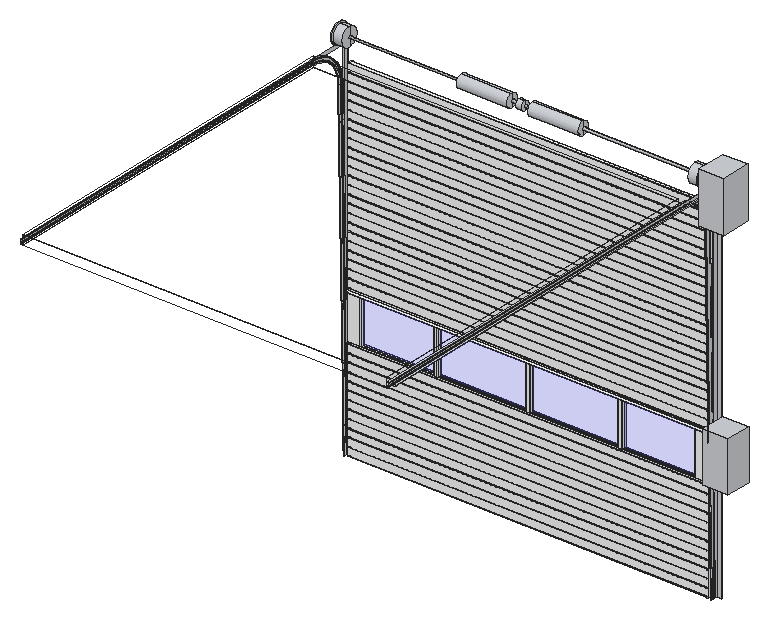
Revit family "EX3720 Complete Door - DraftA", category Doors, host Wall, Revit 2022 (continued)
Definition of nested family "Full Vision Section"
  Dimensions and locks (in)
    "Half Rail Width": plane 2 "Center (Left/Right)" to plane 8
    "Half Rail Width": plane 7 to plane 2 "Center (Left/Right)"
    locked: Extrusion 3 sketch curve to Extrusion 3 sketch curve at 0.25
    radius of Extrusion 2 sketch curve = 0' - 0.12427"
    radius of Extrusion 2 sketch curve = 0' - 0.12444"
    radius of Extrusion 1 sketch curve = 0' - 0.12517"
    radius of Extrusion 1 sketch curve = 0' - 0.12664"
    aligned and locked: Extrusion 1 sketch curve to Extrusion 1 sketch curve  (x3)
    aligned and locked: Extrusion 2 sketch curve to Extrusion 1  (x3)
    aligned and locked: Extrusion 1 to Extrusion 2 sketch curve  (x3)
    aligned and locked: Extrusion 2 sketch curve to Extrusion 2 sketch curve  (x3)
    aligned: Extrusion 3 sketch curve to Extrusion 2
    aligned: Extrusion 3 sketch curve to Extrusion 1
    aligned and locked: Extrusion 3 sketch curve to Extrusion 1
    aligned and locked: Extrusion 4 sketch curve to Extrusion 4 sketch curve  (x3)
    aligned and locked: Extrusion 4 sketch curve to Extrusion 2
    aligned and locked: Extrusion 5 sketch curve to Extrusion 5 sketch curve  (x3)
    aligned and locked: Extrusion 5 sketch curve to Extrusion 2
    aligned and locked: nested 1 to Extrusion 2  (x2)
    aligned and locked: Extrusion 4 to Extrusion 3
    aligned and locked: Extrusion 1 to Extrusion 4
    aligned and locked: Extrusion 6 sketch curve to Extrusion 4
    aligned and locked: Extrusion 6 sketch curve to Extrusion 2
    aligned and locked: plane 2 "Center (Left/Right)" to nested 1
    aligned and locked: nested 1 to plane 5
    aligned and locked: Extrusion 5 sketch curve to plane 6
    aligned and locked: Extrusion 4 sketch curve to plane 9
    aligned and locked: plane 11 to nested 2
    aligned and locked: Extrusion 4 to nested 2
    aligned and locked: nested 2 to Extrusion 1
    aligned and locked: Extrusion 3 sketch curve to Extrusion 4  (x2)
  Automatic sketch dimensions
    Extrusion 1 sketch curve to level = 0' - 0"
    Extrusion 1 sketch curve to plane 5 = 0' - 0"
    Extrusion 1 sketch curve to Extrusion 1 sketch curve = 0' - 0 3/16"
    Extrusion 2 sketch curve to plane 5 = 0' - 0.50146"
    level to Extrusion 2 sketch curve = 1' - 10 21/32"
    Extrusion 2 sketch curve to Extrusion 2 sketch curve = 0' - 0 1/2"
  Nested families (in)
    nested 1: "Int Stile for Single" at (0, -3.5, 0.84375), visible <- "SingleStileVis", type "Single"
      with Stile Height 1' - 10 5/16"
    nested 2: "902 Int Stile Array" at (0, -3.5, 0.84375), visible <- "ArrayStileVis", type "Array"
      with NumIntStiles 2
  Definition of nested family "Int Stile for Single"
    Parameters
      Stile Height = 1' - 8 5/32"
      Frame Material = none
      Default Elevation = 0' - 0"
      Assembly Code = ""
    Reference planes (in)
      plane 1 "Center (Front/Back)": y = 0
      plane 2: z = 0
      plane 3 "Center (Left/Right)": x = 0
      plane 4: z = 20.15625
    Forms (in)
      Extrusion 1, solid, material <- "Frame Material"
        sketch origin (0, 0, 0) x (1, 0, 0) y (0, 1, 0)
          loop
            line (-0.65625, 0) -> (-0.65625, -0.125) -> (-0.78125, -0.125) -> (-1.15625, -0.5) -> (-1.15625, -0.63751) -> (-0.65625, -0.63751) -> (-0.65625, -0.88751) -> (-1.15625, -0.88751) -> (-1.15625, -1.88751) -> (-0.65625, -1.88751) -> (-0.65625, -2.125) -> (0.65625, -2.125) -> (0.65625, -1.88751) -> (1.15625, -1.88751) -> (1.15625, -0.88751) -> (0.65625, -0.88751) -> (0.65625, -0.63751) -> (1.15625, -0.63751) -> (1.15625, -0.5) -> (0.78125, -0.125) -> (0.65625, -0.125) -> (0.65625, 0) -> (-0.65625, 0)
        from 0 to 20.15625 <- "Stile Height"
    Dimensions and locks (in)
      "Stile Height": level to plane 4
      locked: Extrusion 1 sketch curve to Extrusion 1 sketch curve at 1.3125
      locked: Extrusion 1 sketch curve to Extrusion 1 sketch curve at 0.5  (x2)
      locked: Extrusion 1 sketch curve to plane 3 "Center (Left/Right)" at 1.15625
      locked: Extrusion 1 sketch curve to Extrusion 1 sketch curve at 2.125
      locked: Extrusion 1 sketch curve to Extrusion 1 sketch curve at 0.25
      locked: Extrusion 1 sketch curve to Extrusion 1 sketch curve at 1
      locked: Extrusion 1 sketch curve to Extrusion 1 sketch curve at 0.375  (x4)
      locked: Extrusion 1 sketch curve to Extrusion 1 sketch curve at 0.125  (x3)
      aligned and locked: plane 2 to level
      aligned and locked: Extrusion 1 sketch curve to Extrusion 1 sketch curve  (x8)
    Automatic sketch dimensions
      plane 1 "Center (Front/Back)" to Extrusion 1 sketch curve = 0' - 0"
      Extrusion 1 sketch curve to Extrusion 1 sketch curve = 0' - 0.23749"
  Definition of nested family "902 Int Stile Array"
    Parameters
      Stile Height = 1' - 10 5/16"
      NumIntStiles = 4
      IntStileCtrCtr = 3' - 8"
      Frame Material = none
      Default Elevation = 0' - 0"
      Assembly Code = ""
    Reference planes (in)
      plane 1 "Center (Front/Back)": y = 0
      plane 2: z = 0
      plane 3 "Center (Left/Right)": x = 0
      plane 4: z = 22.3125
      plane 5: x = 1.15625
      plane 6: x = -42.84375
    Forms (in)
      Extrusion 1, solid, material <- "Frame Material"
        sketch origin (0, 0, 0) x (1, 0, 0) y (0, 1, 0)
          loop
            line (-0.65625, 0) -> (-0.65625, -0.125) -> (-0.78125, -0.125) -> (-1.15625, -0.5) -> (-1.15625, -0.63751) -> (-0.65625, -0.63751) -> (-0.65625, -0.88751) -> (-1.15625, -0.88751) -> (-1.15625, -1.88751) -> (-0.65625, -1.88751) -> (-0.65625, -2.125) -> (0.65625, -2.125) -> (0.65625, -1.88751) -> (1.15625, -1.88751) -> (1.15625, -0.88751) -> (0.65625, -0.88751) -> (0.65625, -0.63751) -> (1.15625, -0.63751) -> (1.15625, -0.5) -> (0.78125, -0.125) -> (0.65625, -0.125) -> (0.65625, 0) -> (-0.65625, 0)
        from 0 to 22.3125 <- "Stile Height"
      Extrusion 2, solid, material <- "Frame Material"
        sketch origin (-44, 0, 0) x (1, 0, 0) y (0, 1, 0)
          loop
            line (-0.65625, 0) -> (-0.65625, -0.125) -> (-0.78125, -0.125) -> (-1.15625, -0.5) -> (-1.15625, -0.63751) -> (-0.65625, -0.63751) -> (-0.65625, -0.88751) -> (-1.15625, -0.88751) -> (-1.15625, -1.88751) -> (-0.65625, -1.88751) -> (-0.65625, -2.125) -> (0.65625, -2.125) -> (0.65625, -1.88751) -> (1.15625, -1.88751) -> (1.15625, -0.88751) -> (0.65625, -0.88751) -> (0.65625, -0.63751) -> (1.15625, -0.63751) -> (1.15625, -0.5) -> (0.78125, -0.125) -> (0.65625, -0.125) -> (0.65625, 0) -> (-0.65625, 0)
        from 0 to 22.3125 <- "Stile Height"
      Extrusion 3, solid, material <- "Frame Material"
        sketch origin (-88, 0, 0) x (1, 0, 0) y (0, 1, 0)
          loop
            line (-0.65625, 0) -> (-0.65625, -0.125) -> (-0.78125, -0.125) -> (-1.15625, -0.5) -> (-1.15625, -0.63751) -> (-0.65625, -0.63751) -> (-0.65625, -0.88751) -> (-1.15625, -0.88751) -> (-1.15625, -1.88751) -> (-0.65625, -1.88751) -> (-0.65625, -2.125) -> (0.65625, -2.125) -> (0.65625, -1.88751) -> (1.15625, -1.88751) -> (1.15625, -0.88751) -> (0.65625, -0.88751) -> (0.65625, -0.63751) -> (1.15625, -0.63751) -> (1.15625, -0.5) -> (0.78125, -0.125) -> (0.65625, -0.125) -> (0.65625, 0) -> (-0.65625, 0)
        from 0 to 22.3125 <- "Stile Height"
      Extrusion 4, solid, material <- "Frame Material"
        sketch origin (-132, 0, 0) x (1, 0, 0) y (0, 1, 0)
          loop
            line (-0.65625, 0) -> (-0.65625, -0.125) -> (-0.78125, -0.125) -> (-1.15625, -0.5) -> (-1.15625, -0.63751) -> (-0.65625, -0.63751) -> (-0.65625, -0.88751) -> (-1.15625, -0.88751) -> (-1.15625, -1.88751) -> (-0.65625, -1.88751) -> (-0.65625, -2.125) -> (0.65625, -2.125) -> (0.65625, -1.88751) -> (1.15625, -1.88751) -> (1.15625, -0.88751) -> (0.65625, -0.88751) -> (0.65625, -0.63751) -> (1.15625, -0.63751) -> (1.15625, -0.5) -> (0.78125, -0.125) -> (0.65625, -0.125) -> (0.65625, 0) -> (-0.65625, 0)
        from 0 to 22.3125 <- "Stile Height"
    Dimensions and locks (in)
      "Stile Height": level to plane 4
      locked: Extrusion 1 sketch curve to Extrusion 1 sketch curve at 1.3125
      locked: Extrusion 1 sketch curve to Extrusion 1 sketch curve at 0.5  (x2)
      locked: Extrusion 1 sketch curve to Extrusion 1 sketch curve at 2.125
      locked: Extrusion 1 sketch curve to Extrusion 1 sketch curve at 0.25
      locked: Extrusion 1 sketch curve to Extrusion 1 sketch curve at 1
      locked: Extrusion 1 sketch curve to Extrusion 1 sketch curve at 0.375  (x4)
      locked: Extrusion 1 sketch curve to Extrusion 1 sketch curve at 0.125  (x3)
      locked: Extrusion 2 sketch curve to Extrusion 2 sketch curve at 1.3125
      locked: Extrusion 2 sketch curve to Extrusion 2 sketch curve at 0.5  (x2)
      locked: Extrusion 2 sketch curve to Extrusion 2 sketch curve at 2.125
      locked: Extrusion 2 sketch curve to Extrusion 2 sketch curve at 0.25
      locked: Extrusion 2 sketch curve to Extrusion 2 sketch curve at 1
      locked: Extrusion 2 sketch curve to Extrusion 2 sketch curve at 0.375  (x4)
      locked: Extrusion 2 sketch curve to Extrusion 2 sketch curve at 0.125  (x3)
      equal spacing: group 4, group 3, group 2, group 1
      equal spacing: group 1, group 2, group 3, group 4  (x2)
      "IntStileCtrCtr": plane 5 to plane 6
      locked: Extrusion 3 sketch curve to Extrusion 3 sketch curve at 1.3125
      locked: Extrusion 3 sketch curve to Extrusion 3 sketch curve at 0.5  (x2)
      locked: Extrusion 3 sketch curve to Extrusion 3 sketch curve at 2.125
      locked: Extrusion 3 sketch curve to Extrusion 3 sketch curve at 0.25
      locked: Extrusion 3 sketch curve to Extrusion 3 sketch curve at 1
      locked: Extrusion 3 sketch curve to Extrusion 3 sketch curve at 0.375  (x4)
      locked: Extrusion 3 sketch curve to Extrusion 3 sketch curve at 0.125  (x3)
      locked: Extrusion 4 sketch curve to Extrusion 4 sketch curve at 1.3125
      locked: Extrusion 4 sketch curve to Extrusion 4 sketch curve at 0.5  (x2)
      locked: Extrusion 4 sketch curve to Extrusion 4 sketch curve at 2.125
      locked: Extrusion 4 sketch curve to Extrusion 4 sketch curve at 0.25
      locked: Extrusion 4 sketch curve to Extrusion 4 sketch curve at 1
      locked: Extrusion 4 sketch curve to Extrusion 4 sketch curve at 0.375  (x4)
      locked: Extrusion 4 sketch curve to Extrusion 4 sketch curve at 0.125  (x3)
      aligned and locked: plane 2 to level
      aligned and locked: Extrusion 1 sketch curve to Extrusion 1 sketch curve  (x8)
      aligned and locked: Extrusion 2 sketch curve to Extrusion 2 sketch curve  (x8)
      aligned and locked: plane 5 to Extrusion 1
      aligned and locked: plane 6 to Extrusion 2
      aligned and locked: Extrusion 3 sketch curve to Extrusion 3 sketch curve  (x8)
      aligned and locked: Extrusion 4 sketch curve to Extrusion 4 sketch curve  (x8)
    Automatic sketch dimensions
      Extrusion 1 sketch curve to Extrusion 1 sketch curve = 0' - 0.23749"
      Extrusion 2 sketch curve to Extrusion 2 sketch curve = 0' - 0.23749"
      Extrusion 3 sketch curve to Extrusion 3 sketch curve = 0' - 0.23749"
      Extrusion 4 sketch curve to Extrusion 4 sketch curve = 0' - 0.23749"
Definition of nested family "Track - Standard Lift"
  Parameters (values of type "15" Radius")
    WallToRadiusCenter = Door Thickness + 0' 1" + Vertical Track Length * 0' 0 1/4" / 1' 0" + Track Radius  # 1' - 9.33333"
    VerticalAngleLength = Door Height + 0' 10"  # 14' - 10"
    Vertical Track Length = Door Height - 0' 8"  # 13' - 4"
    TrackToTrack = CenterToLHTrack * 2  # 14' - 0"
    Roof Pitch = 0
    Operator - Trolley = no
    Operator - Jack Shaft Right = yes
    Operator - Jack Shaft Left = no
    HorizontalAngleLength = -(Horizontal Track Length + Track Radius + Vertical Track Length * 0.25 / 12 + 0' 2" - 0' 1" * Roof Pitch)  # -16' - 2.33333"
    Horizontal Track Length = Door Height + 1' 9" - Track Radius  # 14' - 6"
    FloorToTrolleyRail = FloorToShaftCL + 0' 6" - 0' 0 77/256" * Roof Pitch  # 15' - 8"
    FloorToShaftCL = Door Height + Track Radius - 0' 1"  # 15' - 2"
    FloorToJackShaft = Door Height + 1' 10"  # 15' - 10"
    Double Torsion Shaft = no
    Door Width = 13' - 10"
    Door Thickness = 0' - 2"
    Door Height = 14' - 0"
    Default Elevation = 0' - 0"
    Control Box Right = yes
    Control Box Left = no
    CenterToLHTrack = Door Width / 2 + 0' 1" + Roof Pitch * 0' 0"  # 7' - 0"
    Track Radius = if([12" Radius Track], 1' 0", 1' 3")  # 1' - 3"
    HorizontalTrackAngle = 90.00°
    CenterToRHTrack = -CenterToLHTrack  # -7' - 0"
    CenterToJackShaft = Door Width / 2 + 0' 5"  # 7' - 4"
    15" Radius Track = yes
    12" Radius Track = not([15" Radius Track])  # no
  Types (2): name | WallToRadiusCenter | TrackToTrack | Horizontal Track Length | FloorToTrolleyRail | FloorToShaftCL | Door Width | Control Box Left | CenterToLHTrack | Track Radius | CenterToRHTrack | CenterToJackShaft | 15" Radius Track | 12" Radius Track
    15" Radius | 1' - 9.33333" | 14' - 0" | 14' - 6" | 15' - 8" | 15' - 2" | 13' - 10" | no | 7' - 0" | 1' - 3" | -7' - 0" | 7' - 4" | yes | no
    12" Radius | 1' - 6.33333" | 14' - 4" | 14' - 9" | 15' - 5" | 14' - 11" | 14' - 2" | yes | 7' - 2" | 1' - 0" | -7' - 2" | 7' - 6" | no | yes
  Reference planes (in)
    plane 1: y = 0
    plane 2 "Center (Left/Right)": x = 0
    plane 3 "Wall Edge": y = 3
    plane 4: y = 24.33333
    plane 5: z = 160
    plane 6: x = 84
    plane 7: x = -84
  Forms (in)
    Sweep 1, solid
      path in 3D
        loop
          line (0, 198.33333, 175) -> (0, 24.33333, 175)
          arc (0, 24.33333, 175) -> (0, 13.83778, 170.71649) -> (0, 9.33659, 160.31243) r 15
          line (0, 9.33659, 160.31243) -> (0, 5.99672, 0)
      profile "Track Profile : Track Profile" origin (0, 7.66665, 80.15622) x (0, 0.999783, -0.020829) y (1, 0, 0)
        loop
          line (-2.03223, 84) -> (-1.97364, 84) -> (-1.97364, 84.826)
          arc (-1.97364, 84.826) -> (-1.9457, 84.89346) -> (-1.87823, 84.92141) r 0.09541
          line (-1.87823, 84.92141) -> (-0.65812, 84.92141)
          arc (-0.65812, 84.92141) -> (-0.63212, 84.9187) -> (-0.60723, 84.91071) r 0.12641
          line (-0.60723, 84.91071) -> (-0.20802, 84.73513)
          arc (-0.20802, 84.73513) -> (-0.05845, 84.52266) -> (-0.17676, 84.29133) r 0.25141
          line (-0.17676, 84.29133) -> (-0.46311, 84.1138) -> (-0.43223, 84.064) -> (-0.14589, 84.24153)
          arc (-0.14589, 84.24153) -> (0, 84.52678) -> (-0.18443, 84.78877) r 0.31
          line (-0.18443, 84.78877) -> (-0.58364, 84.96434)
          arc (-0.58364, 84.96434) -> (-0.62007, 84.97604) -> (-0.65812, 84.98) r 0.185
          line (-0.65812, 84.98) -> (-1.87823, 84.98)
          arc (-1.87823, 84.98) -> (-1.98713, 84.93489) -> (-2.03223, 84.826) r 0.154
          line (-2.03223, 84.826) -> (-2.03223, 84)
    Sweep 2, solid
      path in 3D
        loop
          line (0, 198.33333, 175) -> (0, 24.33333, 175)
          arc (0, 24.33333, 175) -> (0, 13.83778, 170.71649) -> (0, 9.33659, 160.31243) r 15
          line (0, 9.33659, 160.31243) -> (0, 5.99672, 0)
      profile "Track Profile : Track Profile" origin (0, 7.66665, 80.15622) x (0, 0.999783, -0.020829) y (1, 0, 0)
        loop
          line (-2.03223, -84) -> (-2.03223, -84.826)
          arc (-2.03223, -84.826) -> (-1.98713, -84.93489) -> (-1.87823, -84.98) r 0.154
          line (-1.87823, -84.98) -> (-0.65812, -84.98)
          arc (-0.65812, -84.98) -> (-0.62007, -84.97604) -> (-0.58364, -84.96434) r 0.185
          line (-0.58364, -84.96434) -> (-0.18443, -84.78877)
          arc (-0.18443, -84.78877) -> (0, -84.52678) -> (-0.14589, -84.24153) r 0.31
          line (-0.14589, -84.24153) -> (-0.43223, -84.064) -> (-0.46311, -84.1138) -> (-0.17676, -84.29133)
          arc (-0.17676, -84.29133) -> (-0.05845, -84.52266) -> (-0.20802, -84.73513) r 0.25141
          line (-0.20802, -84.73513) -> (-0.60723, -84.91071)
          arc (-0.60723, -84.91071) -> (-0.63212, -84.9187) -> (-0.65812, -84.92141) r 0.12641
          line (-0.65812, -84.92141) -> (-1.87823, -84.92141)
          arc (-1.87823, -84.92141) -> (-1.9457, -84.89346) -> (-1.97364, -84.826) r 0.09541
          line (-1.97364, -84.826) -> (-1.97364, -84) -> (-2.03223, -84)
    Extrusion 3, solid
      sketch origin (84, 9, 148.94743) x (0, 0, 1) y (0, 1, 0)
        loop
          line (25.05257, 189.33333) -> (25.05257, 15.33333) -> (30.05257, 15.33333) -> (30.05257, 189.33333) -> (25.05257, 189.33333)
      from 0 to 168 <- "TrackToTrack"
    Extrusion 4, solid
      sketch origin (0, 198.33333, 175) x (0, 0, 1) y (1, 0, 0)
        loop
          line (1.87823, 84.98) -> (1.87823, 85.06107) -> (0.47823, 85.06107) -> (0.47823, 86.48) -> (0.37823, 86.48) -> (0.37823, 84.98) -> (1.87823, 84.98)
      from -2 to -194.33333 <- "HorizontalAngleLength"
    Extrusion 5, solid
      sketch origin (0, 198.33333, 175) x (0, 0, 1) y (1, 0, 0)
        loop
          line (1.87823, -84.98) -> (0.37823, -84.98) -> (0.37823, -86.48) -> (0.47823, -86.48) -> (0.47823, -85.08) -> (1.87823, -85.08) -> (1.87823, -84.98)
      from -2 to -194.33333 <- "HorizontalAngleLength"
    Extrusion 6, solid
      sketch origin (0, 0, 0) x (1, 0, 0) y (0, 1, 0)
        loop
          line (-84.98, 4.63) -> (-85.08, 4.63) -> (-85.08, 3.30484)
          arc (-85.08, 3.30484) -> (-85.14, 3.16) -> (-85.28484, 3.1) r 0.20484
          line (-85.28484, 3.1) -> (-87.26, 3.1) -> (-87.26, 3) -> (-85.28584, 3)
          arc (-85.28584, 3) -> (-85.06958, 3.08958) -> (-84.98, 3.30584) r 0.30584
          line (-84.98, 3.30584) -> (-84.98, 4.63)
        loop
          line (84.98, 4.63) -> (84.98, 3.30584)
          arc (84.98, 3.30584) -> (85.06958, 3.08958) -> (85.28584, 3) r 0.30584
          line (85.28584, 3) -> (87.26, 3) -> (87.26, 3.1) -> (85.28484, 3.1)
          arc (85.28484, 3.1) -> (85.14, 3.16) -> (85.08, 3.30484) r 0.20484
          line (85.08, 3.30484) -> (85.08, 4.63) -> (84.98, 4.63)
      from 0 to 178 <- "VerticalAngleLength"
    Extrusion 7, solid, visible <- "Operator - Jack Shaft Left"
      sketch origin (-60, 3, 0) x (-1, 0, 0) y (0, 0, 1)
        loop
          line (-160, 190) -> (-160, 166) -> (-148, 166) -> (-148, 190) -> (-160, 190)
      from 0 to 14.50457
    Extrusion 8, solid, visible <- "Operator - Jack Shaft Right"
      sketch origin (-60, 3, 0) x (-1, 0, 0) y (0, 0, 1)
        loop
          line (28, 190) -> (28, 166) -> (40, 166) -> (40, 190) -> (28, 190)
      from 0 to 14.50457
    Extrusion 9, solid, visible <- "Operator - Jack Shaft Left"
      sketch origin (-59.08, 3, -112) x (-1, 0, 0) y (0, 0, 1)
        loop
          line (-159.08, 190) -> (-159.08, 166) -> (-147.08, 166) -> (-147.08, 190) -> (-159.08, 190)
      from 0 to 12
    Extrusion 10, solid, visible <- "Operator - Jack Shaft Right"
      sketch origin (-60, 3, -120) x (-1, 0, 0) y (0, 0, 1)
        loop
          line (28, 198) -> (28, 174) -> (40, 174) -> (40, 198) -> (28, 198)
      from 0 to 12
  Lines and regions (in)
    reference lines, not visible
      curve 1: line (0, 24.33333, 160) -> (0, 24.33333, 175)
      curve 2: line (0, 24.33333, 160) -> (0, 9.33659, 160.31243)
      curve 3: line (0, 24.33333, 175) -> (0, 198.33333, 175)
      curve 4: line (0, 9.33659, 160.31243) -> (0, 5.99672, 0)
      curve 5: arc (0, 24.33333, 175) -> (0, 13.83778, 170.71649) -> (0, 9.33659, 160.31243) r 15
    sketch lines
      curve 6: line (0, 9.33659, 160.31243) -> (0, 5.99672, 0)
      curve 7: arc (0, 24.33333, 175) -> (0, 13.83778, 170.71649) -> (0, 9.33659, 160.31243) r 15
      curve 8: line (0, 24.33333, 175) -> (0, 198.33333, 175)
      curve 9: line (0, 9.33659, 160.31243) -> (0, 5.99672, 0)
      curve 10: arc (0, 24.33333, 175) -> (0, 13.83778, 170.71649) -> (0, 9.33659, 160.31243) r 15
      curve 11: line (0, 24.33333, 175) -> (0, 198.33333, 175)
  Text (in)
    text "Placement Side" at (0, 40.15149, 123.01588), in view "Right"
    text "Placement Side" at (-70.3804, 28.46503, 0), in view "Ref. Level"
    text "Placement Side" at (0, 81.62555, 140.59947), in view "Left"
  Dimensions and locks (in)
    locked: plane 3 "Wall Edge" to host wall
    "WallToRadiusCenter": plane 3 "Wall Edge" to plane 4
    "Vertical Track Length": plane 5 to level
    "Track Radius": curve 1 to curve 1
    "Track Radius": curve 2 to curve 2
    "CenterToLHTrack": plane 6 to plane 2 "Center (Left/Right)"
    "CenterToLHTrack": plane 2 "Center (Left/Right)" to plane 7
    "Horizontal Track Length": curve 5 to curve 3
    locked: curve 3 to Extrusion 3 sketch curve at 4
    locked: Extrusion 3 sketch curve to curve 3 at 1
    locked: Extrusion 4 sketch curve to Extrusion 4 sketch curve at 1.5  (x2)
    locked: Extrusion 4 sketch curve to Extrusion 4 sketch curve at 0.1
    locked: Sweep 1 to Extrusion 4 sketch curve at 0.08107
    locked: Extrusion 5 sketch curve to Extrusion 5 sketch curve at 0.1
    locked: Extrusion 5 sketch curve to Sweep 2 at 0.1
    locked: Extrusion 5 sketch curve to Extrusion 5 sketch curve at 1.5
    locked: Extrusion 5 sketch curve to Sweep 2 at 1.5
    locked: Extrusion 6 sketch curve to Extrusion 6 sketch curve at 0.1  (x4)
    locked: Extrusion 6 sketch curve to Extrusion 6 sketch curve at 2.28  (x2)
    Extrusion 6 sketch curve to Extrusion 6 sketch curve = 0' - 1.63"
    locked: Extrusion 6 sketch curve to Extrusion 6 sketch curve at 1.63  (x2)
    locked: host wall to nested 1 at 6
    locked: Extrusion 7 sketch curve to Extrusion 7 sketch curve at 12
    locked: Extrusion 7 sketch curve to Extrusion 7 sketch curve at 24
    "FloorToJackShaft": level to Extrusion 7 sketch curve
    "CenterToJackShaft": Extrusion 7 sketch curve to curve 4
    locked: Extrusion 8 sketch curve to Extrusion 8 sketch curve at 24
    locked: Extrusion 8 sketch curve to Extrusion 8 sketch curve at 12
    "CenterToJackShaft": curve 4 to Extrusion 8 sketch curve
    "FloorToShaftCL": nested 1 to level
    locked: Extrusion 9 sketch curve to Extrusion 9 sketch curve at 12
    locked: Extrusion 9 sketch curve to Extrusion 9 sketch curve at 24
    locked: Extrusion 6 to Extrusion 9 at 54
    level to Extrusion 9 = 6' - 6"
    locked: Extrusion 10 sketch curve to Extrusion 10 sketch curve at 24
    locked: Extrusion 10 sketch curve to Extrusion 10 sketch curve at 12
    Extrusion 4 to Extrusion 7 = 1' - 2.62177"
    curve 3 to Extrusion 8 = 1' - 3"
    locked: Extrusion 8 to Extrusion 8 at 14.50457
    Extrusion 9 to Extrusion 9 = 1' - 0"
    plane 2 "Center (Left/Right)" to Extrusion 9 = 8' - 4"
    "Track Radius": radius of curve 5
    radius of Extrusion 6 sketch curve = 0' - 0.30584"
    radius of Extrusion 6 sketch curve = 0' - 0.20484"
    "HorizontalTrackAngle": angle curve 1 to plane 5
    locked: curve 2 to plane 5 (angle 1.1935°)
    locked: curve 1 to curve 3 (angle 90.00°)
    locked: curve 4 to curve 2 (angle 90.00°)
    aligned and locked: plane 5 to curve 2
    aligned and locked: curve 2 to plane 4
    aligned and locked: level to curve 4
    aligned and locked: Extrusion 3 sketch curve to curve 3
    aligned and locked: Extrusion 3 sketch curve to curve 1
    aligned and locked: Extrusion 4 sketch curve to Sweep 1
    aligned and locked: Extrusion 5 sketch curve to Sweep 2
    aligned and locked: Extrusion 4 to Extrusion 5 sketch curve
    aligned and locked: Sweep 2 to Extrusion 6 sketch curve
    aligned and locked: Extrusion 6 sketch curve to Sweep 1
    aligned and locked: Extrusion 6 sketch curve to host wall
    aligned and locked: nested 1 to curve 4
    aligned and locked: Extrusion 7 to Extrusion 8 sketch curve
    aligned and locked: Extrusion 9 to Extrusion 7
    aligned and locked: Extrusion 10 to Extrusion 8
    aligned and locked: Extrusion 9 to Extrusion 10
    aligned and locked: Extrusion 7 to Extrusion 8
  Automatic sketch dimensions
    Sweep 1 to Extrusion 4 sketch curve = 0' - 1.59541"
    Extrusion 6 sketch curve to host wall = 0' - 0"
    Extrusion 6 sketch curve to Extrusion 6 sketch curve = 0' - 0.20484"
    Extrusion 6 sketch curve to Extrusion 6 sketch curve = 0' - 0.00101"
    Extrusion 9 sketch curve to plane 6 = 1' - 4"
    level to Extrusion 9 sketch curve = 4' - 6"
    plane 7 to Extrusion 10 sketch curve = 0' - 4"
    level to Extrusion 10 sketch curve = 4' - 6"
  Nested families (in)
    nested 1: "Torsion Assembly - Standard Lift" at (0, 9, 118.84779), type "Torsion Assembly - High Lift"
      with HalfShaft2Length 8' - 2 1/2", Door Width 13' - 10", HalfShaftLength 7' - 2 1/2"
  Definition of nested family "Torsion Assembly - Standard Lift"
    Parameters
      Spring Length = if(Door Width < 6' 0", 1' 0", 2' 0")  # 2' - 0"
      HalfShaft2Length = HalfShaftLength + 1' 0"  # 7' - 3 1/2"
      Double Torsion Shaft = no
      Door Width = 12' - 0"
      HalfShaftLength = (Door Width + 0' 7") / 2  # 6' - 3 1/2"
      Default Elevation = 0' - 0"
      Assembly Code = ""
    Reference planes (in)
      plane 1 "Center (Front/Back)": y = 0
      plane 2: z = 63.15221
      plane 3 "Center (Left/Right)": x = 0
      plane 4: z = 75.15221
      plane 5: z = 63.15221
    Forms (in)
      Revolve 1, solid
        sketch origin (0, 0, 0) x (1, 0, 0) y (0, 0, 1)
          loop
            line (5, 63.65221) -> (1.38578, 63.65221) -> (1.38578, 65.15221) -> (-1.36422, 65.15221) -> (-1.36422, 63.65221) -> (-5, 63.65221) -> (-5, 66.15221) -> (-29, 66.15221) -> (-29, 63.65221) -> (-68.5, 63.65221) -> (-68.5, 67.45823) -> (-73, 67.45823) -> (-73, 67.95823) -> (-73.5, 67.95823) -> (-73.5, 63.65221) -> (-75.5, 63.65221) -> (-75.5, 63.15221) -> (-73.5, 63.15221) -> (73.5, 63.15221) -> (75.5, 63.15221) -> (75.5, 63.65221) -> (73.5, 63.65221) -> (73.5, 67.95823) -> (73, 67.95823) -> (73, 67.45823) -> (68.5, 67.45823) -> (68.5, 63.65221) -> (29, 63.65221) -> (29, 66.15221) -> (5, 66.15221) -> (5, 63.65221)
          axis (-75.5, 63.15221) -> (75.5, 63.15221)
        angle from 0 to 360
      Revolve 2, solid, visible <- "Double Torsion Shaft"
        sketch origin (0, 0, 12) x (1, 0, 0) y (0, 0, 1)
          loop
            line (5, 63.65221) -> (1.38578, 63.65221) -> (1.38578, 65.15221) -> (-1.36422, 65.15221) -> (-1.36422, 63.65221) -> (-5, 63.65221) -> (-5, 66.15221) -> (-29, 66.15221) -> (-29, 63.65221) -> (-74.5, 63.65221) -> (-74.5, 67.45823) -> (-79, 67.45823) -> (-79, 67.95823) -> (-79.5, 67.95823) -> (-79.5, 63.65221) -> (-87.5, 63.65221) -> (-87.5, 63.15221) -> (-79.5, 63.15221) -> (79.5, 63.15221) -> (87.5, 63.15221) -> (87.5, 63.65221) -> (79.5, 63.65221) -> (79.5, 67.95823) -> (79, 67.95823) -> (79, 67.45823) -> (74.5, 67.45823) -> (74.5, 63.65221) -> (29, 63.65221) -> (29, 66.15221) -> (5, 66.15221) -> (5, 63.65221)
          axis (-87.5, 63.15221) -> (87.5, 63.15221)
        angle from 0 to 360
    Dimensions and locks (in)
      locked: Revolve 1 sketch curve to Revolve 1 sketch curve at 0.5  (x4)
      locked: Revolve 1 sketch curve to Revolve 1 sketch curve at 4.80602
      locked: Revolve 1 sketch curve to Revolve 1 sketch curve at 2.75
      locked: Revolve 1 sketch curve to plane 3 "Center (Left/Right)" at 1.38578
      locked: Revolve 1 sketch curve to Revolve 1 sketch curve at 3
      locked: Revolve 1 sketch curve to Revolve 1 sketch curve at 2  (x3)
      locked: Revolve 1 sketch curve to plane 3 "Center (Left/Right)" at 5
      "Spring Length": Revolve 1 sketch curve to Revolve 1 sketch curve  (x2)
      locked: plane 3 "Center (Left/Right)" to Revolve 1 sketch curve at 5
      locked: Revolve 1 sketch curve to Revolve 1 sketch curve at 5  (x2)
      "HalfShaftLength": Revolve 1 sketch curve to plane 3 "Center (Left/Right)"
      "HalfShaftLength": plane 3 "Center (Left/Right)" to Revolve 1 sketch curve
      locked: Revolve 2 sketch curve to Revolve 2 sketch curve at 0.5  (x4)
      locked: Revolve 2 sketch curve to Revolve 2 sketch curve at 4.80602
      locked: Revolve 2 sketch curve to Revolve 2 sketch curve at 2.75
      locked: Revolve 2 sketch curve to Revolve 2 sketch curve at 3
      locked: Revolve 2 sketch curve to Revolve 2 sketch curve at 2
      "Spring Length": Revolve 2 sketch curve to Revolve 2 sketch curve  (x2)
      locked: Revolve 2 sketch curve to Revolve 2 sketch curve at 5  (x2)
      locked: Revolve 2 sketch curve to Revolve 2 sketch curve at 8  (x2)
      locked: Revolve 2 to plane 4 at 0.5
      locked: plane 4 to level at 12
      "HalfShaft2Length": plane 3 "Center (Left/Right)" to Revolve 2 sketch curve
      "HalfShaft2Length": Revolve 2 sketch curve to plane 3 "Center (Left/Right)"
      locked: plane 3 "Center (Left/Right)" to Revolve 2 sketch curve at 5
      locked: Revolve 2 sketch curve to plane 3 "Center (Left/Right)" at 5
      aligned and locked: plane 2 to level
      aligned and locked: plane 5 to level
    Automatic sketch dimensions
      Revolve 1 sketch curve to level = 0' - 0"  (x2)
      Revolve 1 sketch curve to Revolve 1 sketch curve = 0' - 0"  (x2)
      Revolve 1 sketch curve to Revolve 1 sketch curve = 0' - 11.98222"
      Revolve 1 sketch curve to Revolve 1 sketch curve = 0' - 11.01778"
      level to Revolve 1 sketch curve = 0' - 0 1/2"  (x4)
      Revolve 1 sketch curve to Revolve 1 sketch curve = 0' - 0 1/2"  (x2)
      Revolve 1 sketch curve to Revolve 1 sketch curve = 0' - 2 1/2"
      Revolve 1 sketch curve to Revolve 1 sketch curve = 0' - 3.80602"
      level to Revolve 2 sketch curve = 1' - 0 1/2"  (x2)
      Revolve 2 sketch curve to Revolve 2 sketch curve = 0' - 0"  (x2)
      Revolve 2 sketch curve to Revolve 2 sketch curve = 0' - 11.98222"
      Revolve 2 sketch curve to plane 3 "Center (Left/Right)" = 0' - 1.36422"
      Revolve 2 sketch curve to Revolve 2 sketch curve = 0' - 11.01778"
      level to Revolve 2 sketch curve = 1' - 0"
      Revolve 2 sketch curve to Revolve 2 sketch curve = 0' - 1 1/2"
      Revolve 2 sketch curve to Revolve 2 sketch curve = 0' - 0 1/2"  (x3)
      Revolve 2 sketch curve to Revolve 2 sketch curve = 0' - 2 1/2"  (x2)
      Revolve 2 sketch curve to Revolve 2 sketch curve = 0' - 3.80602"
